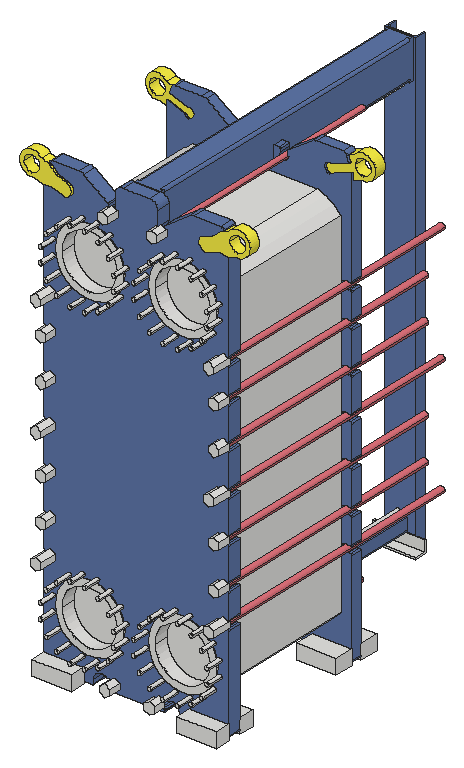
Revit family "HVAC_Heat-Exchanger_Alfa-Laval_Alfa-Laval-T45-FG_ASME_", category Specialty Equipment, Revit 2018 (continued)
Connectors
  piping at (-360, 0, 2943.501), diameter 450, driven by "Connector Description", driven by "Diameter", driven by "Flow"
    settings: index 1, connector inside diameter 609.6 mm, connector length 0 mm, flow factor 0, pipe flow 0.0 L/s, pressure drop 0.0 Pa, fitting loss kfactor 0, connector angle 0.00°, fixture units 0, engagement length 0 mm, angle of deflection 0.00°, flow configuration 0, flow direction 2, fitting loss method 0, system type 7, joint type 0, gender type 0, connector reference index -1, connector utility 0, adjustable connector no, is connector primary yes, connector description "ASME B16.5 Class150 NPS 18"
  piping at (360, 0, 2943.511), diameter 450, driven by "Connector Description", driven by "Diameter", driven by "Flow"
    settings: index 2, connector inside diameter 609.6 mm, connector length 0 mm, flow factor 0, pipe flow 0.0 L/s, pressure drop 0.0 Pa, fitting loss kfactor 0, connector angle 0.00°, fixture units 0, engagement length 0 mm, angle of deflection 0.00°, flow configuration 0, flow direction 1, fitting loss method 0, system type 7, joint type 0, gender type 0, connector reference index -1, connector utility 0, adjustable connector no, is connector primary no, connector description "ASME B16.5 Class150 NPS 18"
  piping at (-360, 0, 475.496), diameter 450, driven by "Connector Description", driven by "Diameter", driven by "Flow"
    settings: index 3, connector inside diameter 609.6 mm, connector length 0 mm, flow factor 0, pipe flow 0.0 L/s, pressure drop 0.0 Pa, fitting loss kfactor 0, connector angle 0.00°, fixture units 0, engagement length 0 mm, angle of deflection 0.00°, flow configuration 0, flow direction 1, fitting loss method 0, system type 7, joint type 0, gender type 0, connector reference index -1, connector utility 0, adjustable connector no, is connector primary no, connector description "ASME B16.5 Class150 NPS 18"
  piping at (360, 0, 475.496), diameter 450, driven by "Connector Description", driven by "Diameter", driven by "Flow"
    settings: index 4, connector inside diameter 609.6 mm, connector length 0 mm, flow factor 0, pipe flow 0.0 L/s, pressure drop 0.0 Pa, fitting loss kfactor 0, connector angle 0.00°, fixture units 0, engagement length 0 mm, angle of deflection 0.00°, flow configuration 0, flow direction 2, fitting loss method 0, system type 7, joint type 0, gender type 0, connector reference index -1, connector utility 0, adjustable connector no, is connector primary no, connector description "ASME B16.5 Class150 NPS 18"
Types (8, lengths in mm): name | zSecond_Heat_Bars | zLower_Heat_Bars | zInner_Length | zFirst_Heat_Bars | Depth
  (no name) | 2110 | 1950 | 1189 | 1950 | 2779
  LC2400 | 2110 | 1950 | 1189 | 1950 | 2779
  LC3000 | 2836 | 2280 | 1936 | 2280 | 3321
  LC3600 | 3436 | 2580 | 2332 | 2580 | 3921
  LC4200 | 4036 | 3182 | 2781 | 3182 | 4521
  LC4800 | 4636 | 3482 | 3195 | 3482 | 5121
  LC5400 | 5236 | 4094 | 3609 | 4094 | 5721
  LC6000 | 5836 | 4236 | 4023 | 4382 | 6321
